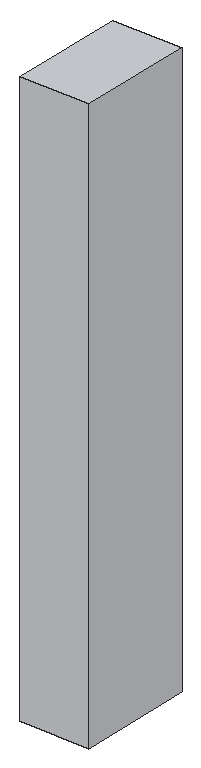
Revit family "混凝土柱-矩形", category 結構柱, Revit 2014
Parameters (values of type "30 x 50cm")
  Structural Material [instance] = none
  關鍵註記 = "03300"
  Assembly Code = ""
  柱深 = 500 mm
  柱寬 = 300 mm
Types (5, lengths in mm): name | 柱深 | 柱寬
  30 x 50cm | 500 | 300
  30x30 | 300 | 300
  40x70 | 400 | 700
  40x40 | 400 | 400
  75x40 | 750 | 400
Reference planes
  plane 1 "中心 (前/後)": y = 0
  plane 2: z = 0
  plane 3 "中心 (左/右)": x = 0
  plane 4: x = -150
  plane 5: x = 150
  plane 6: y = 250
  plane 7: y = -250
Forms (mm)
  Extrusion 1, solid, material <- "Structural Material"
    sketch origin (0, 0, 0) x (1, 0, 0) y (0, 1, 0)
      loop
        line (-150, 250) -> (-150, -250) -> (150, -250) -> (150, 250) -> (-150, 250)
    from 0 to 2500
Dimensions and locks
  equal spacing: plane 4, plane 3 "中心 (左/右)", plane 5
  equal spacing: plane 7, plane 1 "中心 (前/後)", plane 6
  "柱深": plane 7 to plane 6
  "柱寬": plane 4 to plane 5
  aligned and locked: plane 6 to Extrusion 1 sketch curve
  aligned and locked: Extrusion 1 sketch curve to plane 7
  aligned and locked: Extrusion 1 sketch curve to plane 4
  aligned and locked: plane 5 to Extrusion 1 sketch curve
  aligned and locked: level to Extrusion 1
  aligned and locked: level to plane 2
  aligned and locked: Extrusion 1 to plane 2
